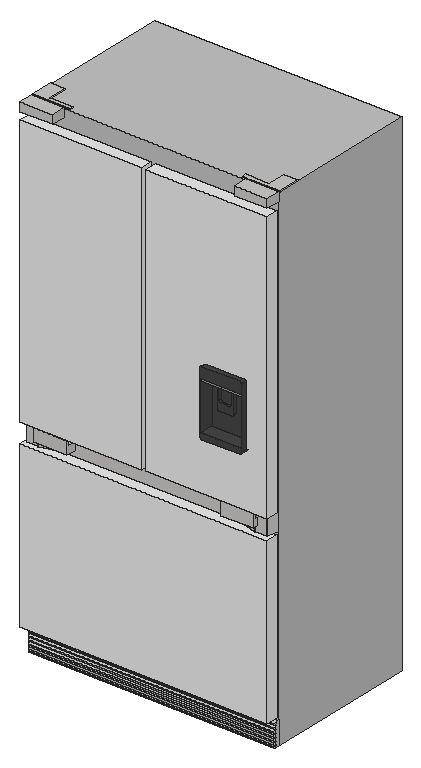
Revit family "FP-Revit20-RS90AU1-FrenchDoorFridgeFreezer-0-90005033A-NZ-AU-UK-IE-EU-CN-ASIA", category Specialty Equipment, Revit 2020
Family settings
  Round Connector Dimension = Use Diameter
  Part Type = Normal
  OmniClass Number = 23.40.40.11.11.17
  OmniClass Title = Refrigerator-Freezer
  Work Plane-Based = No
  Always vertical = Yes
  Cut with Voids When Loaded = Yes
  Shared = No
  Room Calculation Point = No
Parameters
  Visibility - Water Dispenser = yes
  Visibility - Visibility Control Note = yes
  Visibility - Clearance Required = yes
  URL = "www.fisherpaykel.com"
  Stainless Steel Door Panels (RD90AU) = no
  Product - Width = 906 mm  # constant formula
  Product - Height = 1798 mm  # constant formula
  Product - Depth = 604 mm  # constant formula
  Model = "RS90AU1"
  Material - Trim = Fisher & Paykel - Stainless Steel
  Material - Rollers and Feet = Fisher & Paykel - Black
  Material - Door Structure = Fisher & Paykel - White
  Material - Door Front = Fisher & Paykel - Stainless Steel
  Material - Connections = Fisher & Paykel - Black
  Material - Body = Fisher & Paykel - Grey
  Manufacturer = "Fisher & Paykel Appliances"
  Handle Style - Contemporary Square Fine Black (AHD5RD90AB) = no
  Handle Style - Contemporary Square Fine (AHD5RD90A) = no
  Handle Style - Contemporary Square (RS90A) = no
  Handle Style - Contemporary Round (25329 AHS-ASBI-A) = no
  Description = "90cm Integrated French Door Refrigerator Freezer, Ice & Water"
  Default Elevation = 0 mm
  Connector Description - Water = "13mm (1/2\") or 19mm (3/4\") BSP threaded water connection 6.35mm LLDPE tubing"
  Connector Description - Electrical = "230 V, 10 A, fused electrical supply"
  Chassis - Width = 890 mm  # constant formula
  Chassis - Height = 1788 mm  # constant formula
  Chassis - Depth = 561.4 mm  # constant formula
  Cavity - Width = 914 mm  # constant formula
  Cavity - Height = 1800 mm  # constant formula
  Cavity - Depth = 650 mm  # constant formula
Reference planes
  plane 1 "Center (Front/Back)": y = 0
  plane 2: z = 0
  plane 3 "Center (Left/Right)": x = 0
  plane 4 "Product LHS": x = -453
  plane 5 "Product RHS": x = 453
  plane 6 "Cavity - Depth": y = 650
  plane 7 "Cavity LHS": x = -457
  plane 8 "Cavity RHS": x = 457
  plane 9 "Product - Depth": y = 622
  plane 10 "Product Height": z = 1798
  plane 11 "Cavity Height": z = 1800
  plane 12 "Datum": y = 18
Forms (mm)
  Extrusion 1, solid, material "Fisher & Paykel - Grey" <- "Material - Body"
    sketch origin (0, 0, 0) x (0, 1, 0) y (0, 0, 1)
      loop
        line (68.89, 6.6) -> (622, 6.6) -> (622, 1794.6) -> (68.89, 1794.6) -> (68.89, 6.6)
    from -445 to 445
  Extrusion 2, void
    sketch origin (-955, 0, 0) x (1, 0, 0) y (0, 0, 1)
      loop
        arc (1180.35, 1186.03) -> (1174.693, 1183.687) -> (1172.35, 1178.03) r 8
        line (1172.35, 1178.03) -> (1172.35, 958.43)
        arc (1172.35, 958.43) -> (1174.693, 952.773) -> (1180.35, 950.43) r 8
        line (1180.35, 950.43) -> (1314.85, 950.43)
        arc (1314.85, 950.43) -> (1320.507, 952.773) -> (1322.85, 958.43) r 8
        line (1322.85, 958.43) -> (1322.85, 1178.03)
        arc (1322.85, 1178.03) -> (1320.507, 1183.687) -> (1314.85, 1186.03) r 8
        line (1314.85, 1186.03) -> (1180.35, 1186.03)
    from -54.957 to 0
  Extrusion 3, solid, material "Fisher & Paykel - Black" <- "Material - Rollers and Feet"
    sketch origin (0, 0, -4) x (0, 1, 0) y (0, 0, 1)
      loop
        arc (120.09, 10.6) -> (136.133, 4) -> (152.177, 10.6) r 22.8
        line (152.177, 10.6) -> (120.09, 10.6)
      loop
        arc (555.39, 10.6) -> (571.433, 4) -> (587.477, 10.6) r 22.8
        line (587.477, 10.6) -> (555.39, 10.6)
    from 402 to 429
  Extrusion 4, solid, material "Fisher & Paykel - Clearance Required", visible <- "Visibility - Clearance Required", detail levels coarse
    sketch origin (0, 0, 0) x (0, 1, 0) y (0, 0, 1)
      loop
        line (-0.043, 696.43) -> (-359.921, 696.43) -> (-359.921, 631.801) -> (-401.921, 631.801) -> (-401.921, 615.801) -> (-359.921, 615.801) -> (-359.921, 100.03) -> (-0.043, 100.03) -> (-0.043, 696.43)
    from -453 to 453
  Extrusion 5, solid, material "Fisher & Paykel - White" <- "Material - Door Structure"
    sketch origin (0, 0, 0) x (1, 0, 0) y (0, 0, 1)
      loop
        line (-7.74, 1737.6) -> (-445, 1737.6) -> (-445, 763.6) -> (-7.74, 763.6) -> (-7.74, 1737.6)
      loop
        line (7.74, 1737.6) -> (7.74, 763.6) -> (445, 763.6) -> (445, 1737.6) -> (7.74, 1737.6)
      loop
        line (-445, 693.1) -> (-445, 101.1) -> (445, 101.1) -> (445, 693.1) -> (-445, 693.1)
    from -60.6 to -18
  Extrusion 6, solid, material "Fisher & Paykel - White" <- "Material - Door Structure"
    sketch origin (0, 0, 0) x (1, 0, 0) y (0, 0, 1)
      loop
        line (-434.6, 685.2) -> (-434.6, 109) -> (434.6, 109) -> (434.6, 685.2) -> (-434.6, 685.2)
      loop
        line (-13.88, 776) -> (-13.88, 1722.7) -> (-434.58, 1722.7) -> (-434.58, 776) -> (-13.88, 776)
      loop
        line (13.88, 776) -> (434.58, 776) -> (434.58, 1722.7) -> (13.88, 1722.7) -> (13.88, 776)
    from -68.89 to -60.552
  Extrusion 7, solid, material "Fisher & Paykel - Stainless Steel" <- "Material - Trim"
    sketch origin (0, -2, 0) x (1, 0, 0) y (0, 1, 0)
      loop
        line (-441.5, 70.89) -> (-434.782, 36.328)
        arc (-434.782, 36.328) -> (-433.745, 34.585) -> (-431.837, 33.9) r 3
        line (-431.837, 33.9) -> (-393.733, 33.9)
        arc (-393.733, 33.9) -> (-391.738, 34.034) -> (-389.779, 34.431) r 15
        line (-389.779, 34.431) -> (-320.032, 53.491) -> (320.032, 53.491) -> (389.779, 34.431)
        arc (389.779, 34.431) -> (391.738, 34.034) -> (393.733, 33.9) r 15
        line (393.733, 33.9) -> (431.837, 33.9)
        arc (431.837, 33.9) -> (433.745, 34.585) -> (434.782, 36.328) r 3
        line (434.782, 36.328) -> (441.5, 70.89) -> (-441.5, 70.89)
    from 696.967 to 759.03
  Extrusion 8, solid, material "Fisher & Paykel - Stainless Steel" <- "Material - Trim"
    sketch origin (0, -2, 0) x (0, 1, 0) y (0, 0, 1)
      loop
        line (20, 762.6) -> (20, 715.3) -> (70.89, 715.3) -> (70.89, 743.6) -> (25, 743.6) -> (25, 762.6) -> (20, 762.6)
    from 276.67 to 395
  Extrusion 9, solid, material "Fisher & Paykel - Stainless Steel" <- "Material - Trim"
    sketch origin (0, -2, 0) x (0, 1, 0) y (0, 0, -1)
      loop
        line (20, -762.6) -> (25, -762.6) -> (25, -743.6) -> (70.89, -743.6) -> (70.89, -715.3) -> (20, -715.3) -> (20, -762.6)
    from 276.67 to 395
  Extrusion 10, solid, material "Fisher & Paykel - Stainless Steel" <- "Material - Trim"
    sketch origin (0, 0, 0) x (1, 0, 0) y (0, 1, 0)
      loop
        line (-327.17, 18) -> (-327.17, 68.89) -> (-445, 68.89) -> (-445, 18) -> (-327.17, 18)
      loop
        line (445, 18) -> (445, 68.89) -> (327.17, 68.89) -> (327.17, 18) -> (445, 18)
    from 1765.6 to 1797.6
  Extrusion 11, solid, material "Fisher & Paykel - Stainless Steel" <- "Material - Trim", detail levels fine
    sketch origin (0, 0, 0) x (1, 0, 0) y (0, 1, 0)
      loop
        line (-445, 154.61) -> (-445, 73.11) -> (-311.45, 73.11) -> (-311.45, 88.11) -> (-394, 88.11) -> (-394, 154.61) -> (-445, 154.61)
      loop
        line (445, 154.61) -> (394.85, 154.61) -> (394.85, 88.11) -> (311.45, 88.11) -> (311.45, 73.11) -> (445, 73.11) -> (445, 154.61)
    from 1794.6 to 1797.6
  Extrusion 12, solid, material "Fisher & Paykel - Black" <- "Material - Rollers and Feet", detail levels fine
    sketch origin (0, 0, -4) x (0, 1, 0) y (0, 0, -1)
      loop
        line (120.09, -10.6) -> (152.177, -10.6)
        arc (152.177, -10.6) -> (136.133, -4) -> (120.09, -10.6) r 22.8
      loop
        line (555.39, -10.6) -> (587.477, -10.6)
        arc (587.477, -10.6) -> (571.433, -4) -> (555.39, -10.6) r 22.8
    from 402 to 429
  Extrusion 13, solid, material "Fisher & Paykel - Stainless Steel" <- "Material - Trim", detail levels fine
    sketch origin (0, -2, 0) x (0, 1, 0) y (0, 0, 1)
      loop
        line (24.91, 101.1) -> (24.91, 94.1) -> (50.15, 94.1) -> (50.15, 101.1) -> (24.91, 101.1)
    from -20.67 to 20.7
  Extrusion 14, solid, material "Fisher & Paykel - Stainless Steel" <- "Material - Trim", detail levels fine
    sketch origin (0, -2, 0) x (0, 1, 0) y (0, 0, 1)
      loop
        line (70.89, 90.613) -> (53.491, 85.951) -> (53.491, 81.639) -> (61.43, 81.639) -> (61.43, 75.465) -> (53.491, 73.338) -> (53.491, 69.031) -> (61.43, 69.031) -> (61.43, 62.857) -> (53.491, 60.73) -> (53.491, 56.423) -> (61.43, 56.423) -> (61.43, 50.254) -> (53.491, 48.127) -> (53.491, 43.821) -> (61.43, 43.821) -> (61.43, 37.652) -> (53.491, 35.525) -> (53.491, 31.218) -> (61.43, 31.218) -> (61.43, 25.049) -> (53.491, 22.922) -> (53.491, 18.585) -> (61.43, 18.585) -> (61.43, 12.447) -> (53.491, 10.32) -> (53.491, 6.6) -> (70.89, 6.6) -> (70.89, 90.613)
    from -445 to 445
  Extrusion 15, solid, material "Fisher & Paykel - Stainless Steel" <- "Material - Trim", detail levels coarse+medium
    sketch origin (0, -2, 0) x (0, 1, 0) y (0, 0, 1)
      loop
        line (70.89, 90.613) -> (53.491, 85.951) -> (53.491, 6.6) -> (70.89, 6.6) -> (70.89, 90.613)
    from -445 to 445
  Extrusion 16, void
    sketch origin (0, -2000, 0) x (1, 0, 0) y (0, 1, 0)
      loop
        line (-386.5, 2622) -> (-386.5, 2068.89) -> (386.5, 2068.89) -> (386.5, 2622) -> (-386.5, 2622)
    from 6.6 to 56.423
  Extrusion 17, solid, material "Fisher & Paykel - Stainless Steel" <- "Material - Door Front", visible <- "Stainless Steel Door Panels (RD90AU)"
    sketch origin (0, 0, 0) x (1, 0, 0) y (0, 0, 1)
      loop
        line (-453, 696.43) -> (-453, 100.03) -> (453, 100.03) -> (453, 696.43) -> (-453, 696.43)
      loop
        line (-453, 700.43) -> (-2, 700.43) -> (-2, 1796.43) -> (-453, 1796.43) -> (-453, 700.43)
      loop
        line (2, 1796.43) -> (2, 700.43) -> (453, 700.43) -> (453, 1796.43) -> (2, 1796.43)
    from -18 to 0.043
  Extrusion 18, void
    sketch origin (0, -2, 0) x (1, 0, 0) y (0, 1, 0)
      loop
        arc (445, 57.948) -> (443.695, 54.796) -> (440.543, 53.491) r 4.457
        line (440.543, 53.491) -> (445, 53.491) -> (445, 57.948)
      loop
        line (-445, 57.948) -> (-445, 53.491) -> (-440.543, 53.491)
        arc (-440.543, 53.491) -> (-443.695, 54.796) -> (-445, 57.948) r 4.457
    from 6.6 to 100.03
  Extrusion 19, solid, material "Fisher & Paykel - Clearance Required", visible <- "Visibility - Clearance Required", detail levels coarse
    sketch origin (0, 0, 0) x (1, 0, 0) y (0, 1, 0)
      loop
        line (-457, 650) -> (-457, 18) -> (457, 18) -> (457, 650) -> (-457, 650)
    from 0 to 1800
  Extrusion 20, solid, material "Fisher & Paykel - Clearance Required", visible <- "Visibility - Clearance Required", detail levels coarse
    sketch origin (0, 0, 0) x (1, 0, 0) y (0, 1, 0)
      loop
        line (-453, -0.043) -> (-610.872, -338.602) -> (-647.125, -321.697) -> (-653.73, -335.861) -> (-617.477, -352.766) -> (-643.601, -408.788)
        arc (-643.601, -408.788) -> (-210.678, -380.413) -> (-2, -0.043) r 451
        line (-2, -0.043) -> (-453, -0.043)
      loop
        line (453, -0.043) -> (2, -0.043)
        arc (2, -0.043) -> (210.678, -380.413) -> (643.601, -408.788) r 451
        line (643.601, -408.788) -> (617.477, -352.766) -> (653.73, -335.861) -> (647.125, -321.697) -> (610.872, -338.602) -> (453, -0.043)
    from 700.43 to 1800
  Extrusion 21, void
    sketch origin (0, 0, 0) x (1, 0, 0) y (0, 0, 1)
      loop
        line (275, 69.031) -> (275, 200) -> (0, 200) -> (0, 69.031) -> (275, 69.031)
      loop
        circle (225, 135) r 3
      loop
        circle (50, 135) r 3
    from -622 to -620
  Extrusion 22, void
    sketch origin (0, 0, 0) x (1, 0, 0) y (0, 1, 0)
      loop
        line (-457, 650) -> (-457, 0) -> (457, 0) -> (457, 650) -> (-457, 650)
    from 0 to 1800
Cuts and joins
  Extrusion 16, Extrusion 21 cuts Extrusion 1
  Extrusion 2 cuts Extrusion 17
  Extrusion 2 cuts Extrusion 5
  Extrusion 18 cuts Extrusion 14
  Extrusion 18 cuts Extrusion 15
  joined: Extrusion 7, Extrusion 8, Extrusion 9
Lines and regions (mm)
  model lines, style "Fisher & Paykel"
    curve 1: line (-453, 18, 1796.43) -> (-2, 18, 1796.43)
    curve 2: line (-453, 18, 700.43) -> (-453, 18, 1796.43)
    curve 3: line (-2, 18, 700.43) -> (-453, 18, 700.43)
    curve 4: line (-2, 18, 1796.43) -> (-2, 18, 700.43)
    curve 5: line (2, 18, 700.43) -> (453, 18, 700.43)
    curve 6: line (2, 18, 1796.43) -> (2, 18, 700.43)
    curve 7: line (453, 18, 1796.43) -> (2, 18, 1796.43)
    curve 8: line (453, 18, 700.43) -> (453, 18, 1796.43)
    curve 9: line (-453, 18, 696.43) -> (453, 18, 696.43)
    curve 10: line (-453, 18, 100.03) -> (-453, 18, 696.43)
    curve 11: line (453, 18, 100.03) -> (-453, 18, 100.03)
    curve 12: line (453, 18, 696.43) -> (453, 18, 100.03)
Text (mm)
  text "Due to ongoing product development, product details are subject to change without notice. \nPlease always refer to www.fisherpaykel.com for the most current product information. \n© Fisher & Paykel 2020" at (41.04, -527.568, 0), in view "Ref. Level (Plan)"
Dimensions and locks
  equal spacing: plane 4 "Product LHS", plane 3 "Center (Left/Right)", plane 5 "Product RHS"
  "Product - Width": plane 4 "Product LHS" to plane 5 "Product RHS"
  "Cavity - Depth": plane 1 "Center (Front/Back)" to plane 6 "Cavity - Depth"
  equal spacing: plane 7 "Cavity LHS", plane 3 "Center (Left/Right)", plane 8 "Cavity RHS"
  "Cavity - Width": plane 7 "Cavity LHS" to plane 8 "Cavity RHS"
  "Product - Height": level to plane 10 "Product Height"
  "Cavity - Height": plane 11 "Cavity Height" to level
  Extrusion 2 sketch curve to plane 3 "Center (Left/Right)" = 367.85 mm
  Extrusion 2 sketch curve to Extrusion 2 sketch curve = 235.6 mm
  Extrusion 2 sketch curve to level = 950.43 mm
  Extrusion 2 sketch curve to Extrusion 2 sketch curve = 150.5 mm
  "Chassis - Height": Extrusion 1 to Extrusion 1
  nested 1 to Extrusion 1 = 1179.43 mm
  Extrusion 13 to Extrusion 15 = 94.5 mm
  locked: plane 1 "Center (Front/Back)" to plane 12 "Datum" at 18
  "Chassis - Depth": cut or joined group of Extrusion 2, Extrusion 5 to plane 9 "Product - Depth"
  "Product - Depth": plane 9 "Product - Depth" to plane 12 "Datum"
  equal spacing: cut or joined group of Extrusion 1, Extrusion 16, Extrusion 21, plane 3 "Center (Left/Right)", cut or joined group of Extrusion 1, Extrusion 16, Extrusion 21  (x2)
  "Chassis - Width": cut or joined group of Extrusion 1, Extrusion 16, Extrusion 21 to cut or joined group of Extrusion 1, Extrusion 16, Extrusion 21
  aligned and locked: level to plane 2
  aligned and locked: Extrusion 18 to Extrusion 3
  aligned and locked: plane 9 "Product - Depth" to Extrusion 1
  aligned and locked: cut or joined group of Extrusion 1, Extrusion 16, Extrusion 21 to Extrusion 14
  aligned and locked: cut or joined group of Extrusion 1, Extrusion 16, Extrusion 21 to Extrusion 15
  aligned and locked: Extrusion 15 to cut or joined group of Extrusion 1, Extrusion 16, Extrusion 21
  aligned and locked: Extrusion 14 to cut or joined group of Extrusion 1, Extrusion 16, Extrusion 21
  aligned and locked: Extrusion 11 sketch curve to cut or joined group of Extrusion 1, Extrusion 16, Extrusion 21
  aligned and locked: Extrusion 5 sketch curve to cut or joined group of Extrusion 1, Extrusion 16, Extrusion 21  (x2)
  aligned and locked: Extrusion 5 sketch curve to Extrusion 5 sketch curve
  aligned and locked: cut or joined group of Extrusion 1, Extrusion 16, Extrusion 21 to Extrusion 5 sketch curve
  aligned and locked: Extrusion 18 sketch curve to cut or joined group of Extrusion 14, Extrusion 18
  aligned and locked: Extrusion 10 to Extrusion 18 sketch curve
  aligned and locked: Extrusion 18 sketch curve to Extrusion 10
  aligned and locked: plane 9 "Product - Depth" to Extrusion 21
Automatic sketch dimensions
  Extrusion 1 sketch curve to plane 9 "Product - Depth" = 0 mm
  level to Extrusion 1 sketch curve = 6.6 mm
  Extrusion 1 sketch curve to plane 12 "Datum" = 50.89 mm
  plane 10 "Product Height" to Extrusion 1 sketch curve = 3.4 mm
  Extrusion 2 sketch curve to Extrusion 2 sketch curve = 8 mm  (x4)
  level to Extrusion 3 sketch curve = 6.6 mm  (x2)
  Extrusion 3 sketch curve to plane 12 "Datum" = 102.09 mm
  Extrusion 3 sketch curve to Extrusion 3 sketch curve = 16.044 mm  (x2)
  Extrusion 3 sketch curve to plane 9 "Product - Depth" = 66.61 mm
  level to Extrusion 3 sketch curve = 22.8 mm  (x2)
  plane 1 "Center (Front/Back)" to Extrusion 4 sketch curve = 401.921 mm
  Extrusion 4 sketch curve to Extrusion 4 sketch curve = 42 mm
  level to Extrusion 4 sketch curve = 100.03 mm
  plane 1 "Center (Front/Back)" to Extrusion 4 sketch curve = 359.921 mm
  plane 1 "Center (Front/Back)" to Extrusion 4 sketch curve = 0.043 mm
  Extrusion 4 sketch curve to Extrusion 4 sketch curve = 515.771 mm
  Extrusion 4 sketch curve to Extrusion 4 sketch curve = 16 mm
  Extrusion 4 sketch curve to Extrusion 4 sketch curve = 64.629 mm
  Extrusion 5 sketch curve to plane 3 "Center (Left/Right)" = 7.74 mm
  plane 3 "Center (Left/Right)" to Extrusion 5 sketch curve = 7.74 mm
  level to Extrusion 5 sketch curve = 101.1 mm
  Extrusion 5 sketch curve to Extrusion 5 sketch curve = 592 mm
  Extrusion 5 sketch curve to Extrusion 5 sketch curve = 70.5 mm
  Extrusion 5 sketch curve to Extrusion 5 sketch curve = 0 mm
  plane 10 "Product Height" to Extrusion 5 sketch curve = 60.4 mm  (x2)
  Extrusion 6 sketch curve to plane 4 "Product LHS" = 18.4 mm
  Extrusion 6 sketch curve to plane 4 "Product LHS" = 18.42 mm
  Extrusion 6 sketch curve to plane 3 "Center (Left/Right)" = 13.88 mm
  plane 3 "Center (Left/Right)" to Extrusion 6 sketch curve = 13.88 mm
  plane 5 "Product RHS" to Extrusion 6 sketch curve = 18.42 mm
  plane 5 "Product RHS" to Extrusion 6 sketch curve = 18.4 mm
  level to Extrusion 6 sketch curve = 109 mm
  Extrusion 6 sketch curve to Extrusion 6 sketch curve = 576.2 mm
  Extrusion 6 sketch curve to Extrusion 6 sketch curve = 90.8 mm
  Extrusion 6 sketch curve to Extrusion 6 sketch curve = 0 mm  (x2)
  plane 10 "Product Height" to Extrusion 6 sketch curve = 75.3 mm
  Extrusion 7 sketch curve to plane 4 "Product LHS" = 11.5 mm
  Extrusion 7 sketch curve to plane 4 "Product LHS" = 18.218 mm
  Extrusion 7 sketch curve to Extrusion 7 sketch curve = 2.945 mm  (x2)
  Extrusion 7 sketch curve to plane 12 "Datum" = 13.9 mm
  Extrusion 7 sketch curve to Extrusion 7 sketch curve = 38.104 mm
  Extrusion 7 sketch curve to plane 12 "Datum" = 14.431 mm  (x2)
  Extrusion 7 sketch curve to Extrusion 7 sketch curve = 3.954 mm  (x2)
  Extrusion 7 sketch curve to plane 12 "Datum" = 33.491 mm
  Extrusion 7 sketch curve to Extrusion 7 sketch curve = 69.747 mm
  plane 5 "Product RHS" to Extrusion 7 sketch curve = 132.968 mm
  plane 5 "Product RHS" to Extrusion 7 sketch curve = 63.221 mm
  plane 5 "Product RHS" to Extrusion 7 sketch curve = 21.163 mm
  plane 5 "Product RHS" to Extrusion 7 sketch curve = 11.5 mm
  Extrusion 7 sketch curve to plane 1 "Center (Front/Back)" = 31.9 mm
  Extrusion 7 sketch curve to Extrusion 7 sketch curve = 2.428 mm  (x2)
  Extrusion 7 sketch curve to Extrusion 7 sketch curve = 34.562 mm
  Extrusion 8 sketch curve to plane 12 "Datum" = 0 mm
  Extrusion 8 sketch curve to Extrusion 8 sketch curve = 5 mm
  Extrusion 8 sketch curve to Extrusion 8 sketch curve = 50.89 mm
  level to Extrusion 8 sketch curve = 715.3 mm
  Extrusion 8 sketch curve to Extrusion 8 sketch curve = 28.3 mm
  Extrusion 8 sketch curve to Extrusion 8 sketch curve = 19 mm
  Extrusion 9 sketch curve to plane 12 "Datum" = 0 mm
  Extrusion 9 sketch curve to Extrusion 9 sketch curve = 5 mm
  Extrusion 9 sketch curve to Extrusion 9 sketch curve = 50.89 mm
  level to Extrusion 9 sketch curve = 762.6 mm
  Extrusion 9 sketch curve to Extrusion 9 sketch curve = 19 mm
  Extrusion 9 sketch curve to Extrusion 9 sketch curve = 28.3 mm
  plane 12 "Datum" to Extrusion 10 sketch curve = 0 mm  (x2)
  Extrusion 10 sketch curve to plane 4 "Product LHS" = 8 mm
  Extrusion 10 sketch curve to plane 12 "Datum" = 50.89 mm  (x2)
  Extrusion 10 sketch curve to Extrusion 10 sketch curve = 117.83 mm
  plane 5 "Product RHS" to Extrusion 10 sketch curve = 125.83 mm
  plane 5 "Product RHS" to Extrusion 10 sketch curve = 8 mm
  Extrusion 11 sketch curve to Extrusion 11 sketch curve = 51 mm
  Extrusion 11 sketch curve to Extrusion 11 sketch curve = 82.55 mm
  Extrusion 11 sketch curve to plane 12 "Datum" = 55.11 mm  (x2)
  plane 5 "Product RHS" to Extrusion 11 sketch curve = 141.55 mm
  plane 5 "Product RHS" to Extrusion 11 sketch curve = 58.15 mm
  plane 5 "Product RHS" to Extrusion 11 sketch curve = 8 mm
  Extrusion 11 sketch curve to Extrusion 11 sketch curve = 15 mm  (x2)
  Extrusion 11 sketch curve to Extrusion 11 sketch curve = 66.5 mm  (x2)
  level to Extrusion 12 sketch curve = 6.6 mm  (x2)
  Extrusion 12 sketch curve to plane 12 "Datum" = 102.09 mm
  Extrusion 12 sketch curve to Extrusion 12 sketch curve = 16.044 mm  (x2)
  Extrusion 12 sketch curve to plane 9 "Product - Depth" = 66.61 mm
  level to Extrusion 12 sketch curve = 22.8 mm  (x2)
  Extrusion 13 sketch curve to plane 12 "Datum" = 4.91 mm
  Extrusion 13 sketch curve to Extrusion 13 sketch curve = 25.24 mm
  level to Extrusion 13 sketch curve = 94.1 mm
  Extrusion 13 sketch curve to Extrusion 13 sketch curve = 7 mm
  Extrusion 14 sketch curve to plane 12 "Datum" = 33.491 mm  (x3)
  level to Extrusion 14 sketch curve = 6.6 mm
  Extrusion 14 sketch curve to Extrusion 14 sketch curve = 0 mm  (x8)
  Extrusion 14 sketch curve to Extrusion 14 sketch curve = 7.939 mm  (x2)
  Extrusion 14 sketch curve to Extrusion 14 sketch curve = 9.46 mm
  Extrusion 14 sketch curve to Extrusion 14 sketch curve = 3.72 mm
  Extrusion 14 sketch curve to Extrusion 14 sketch curve = 2.127 mm
  Extrusion 14 sketch curve to Extrusion 14 sketch curve = 8.266 mm
  Extrusion 14 sketch curve to Extrusion 14 sketch curve = 4.337 mm
  Extrusion 14 sketch curve to Extrusion 14 sketch curve = 6.464 mm
  Extrusion 14 sketch curve to Extrusion 14 sketch curve = 6.169 mm  (x3)
  Extrusion 14 sketch curve to Extrusion 14 sketch curve = 4.306 mm  (x4)
  Extrusion 14 sketch curve to Extrusion 14 sketch curve = 6.433 mm  (x4)
  Extrusion 14 sketch curve to Extrusion 14 sketch curve = 6.175 mm  (x2)
  Extrusion 14 sketch curve to Extrusion 14 sketch curve = 4.312 mm
  Extrusion 14 sketch curve to Extrusion 14 sketch curve = 8.974 mm
  Extrusion 15 sketch curve to plane 12 "Datum" = 33.491 mm
  level to Extrusion 15 sketch curve = 6.6 mm
  Extrusion 15 sketch curve to Extrusion 15 sketch curve = 17.399 mm
  Extrusion 15 sketch curve to Extrusion 15 sketch curve = 79.351 mm
  Extrusion 15 sketch curve to Extrusion 15 sketch curve = 4.662 mm
  Extrusion 16 sketch curve to plane 9 "Product - Depth" = 0 mm
  Extrusion 16 sketch curve to plane 4 "Product LHS" = 66.5 mm
  plane 5 "Product RHS" to Extrusion 16 sketch curve = 66.5 mm
  Extrusion 16 sketch curve to plane 12 "Datum" = 50.89 mm
  plane 4 "Product LHS" to Extrusion 17 sketch curve = 0 mm  (x2)
  plane 5 "Product RHS" to Extrusion 17 sketch curve = 0 mm  (x2)
  Extrusion 17 sketch curve to plane 3 "Center (Left/Right)" = 2 mm
  plane 3 "Center (Left/Right)" to Extrusion 17 sketch curve = 2 mm
  level to Extrusion 17 sketch curve = 100.03 mm
  Extrusion 17 sketch curve to Extrusion 17 sketch curve = 596.4 mm
  Extrusion 17 sketch curve to Extrusion 17 sketch curve = 4 mm
  Extrusion 17 sketch curve to Extrusion 17 sketch curve = 0 mm
  plane 10 "Product Height" to Extrusion 17 sketch curve = 1.57 mm  (x2)
  Extrusion 18 sketch curve to Extrusion 18 sketch curve = 4.457 mm  (x2)
  Extrusion 18 sketch curve to plane 12 "Datum" = 33.491 mm
  Extrusion 19 sketch curve to plane 7 "Cavity LHS" = 0 mm
  Extrusion 19 sketch curve to plane 8 "Cavity RHS" = 0 mm
  plane 12 "Datum" to Extrusion 19 sketch curve = 0 mm
  plane 6 "Cavity - Depth" to Extrusion 19 sketch curve = 0 mm
  Extrusion 20 sketch curve to plane 4 "Product LHS" = 0 mm  (x2)
  Extrusion 20 sketch curve to plane 5 "Product RHS" = 0 mm  (x2)
  plane 7 "Cavity LHS" to Extrusion 20 sketch curve = 153.872 mm
  Extrusion 20 sketch curve to Extrusion 20 sketch curve = 6.605 mm  (x3)
  Extrusion 20 sketch curve to Extrusion 20 sketch curve = 26.124 mm
  Extrusion 20 sketch curve to Extrusion 20 sketch curve = 36.252 mm  (x2)
  plane 1 "Center (Front/Back)" to Extrusion 20 sketch curve = 0.043 mm  (x2)
  Extrusion 20 sketch curve to plane 3 "Center (Left/Right)" = 2 mm
  plane 3 "Center (Left/Right)" to Extrusion 20 sketch curve = 2 mm
  Extrusion 20 sketch curve to plane 8 "Cavity RHS" = 153.872 mm
  plane 1 "Center (Front/Back)" to Extrusion 20 sketch curve = 408.788 mm
  plane 1 "Center (Front/Back)" to Extrusion 20 sketch curve = 335.861 mm
  Extrusion 21 sketch curve to plane 3 "Center (Left/Right)" = 0 mm
  plane 3 "Center (Left/Right)" to Extrusion 21 sketch curve = 50 mm
  Extrusion 21 sketch curve to Extrusion 21 sketch curve = 175 mm
  Extrusion 21 sketch curve to Extrusion 21 sketch curve = 50 mm
  level to Extrusion 21 sketch curve = 69.031 mm
  Extrusion 21 sketch curve to Extrusion 21 sketch curve = 65.969 mm  (x2)
  Extrusion 21 sketch curve to Extrusion 21 sketch curve = 65 mm
  Extrusion 22 sketch curve to plane 7 "Cavity LHS" = 0 mm
  Extrusion 22 sketch curve to plane 8 "Cavity RHS" = 0 mm
  plane 12 "Datum" to Extrusion 22 sketch curve = 18 mm
  plane 6 "Cavity - Depth" to Extrusion 22 sketch curve = 0 mm
  plane 4 "Product LHS" to curve 1 = 0 mm
  plane 5 "Product RHS" to curve 8 = 0 mm
  plane 4 "Product LHS" to curve 9 = 0 mm
  plane 5 "Product RHS" to curve 9 = 0 mm
  plane 10 "Product Height" to curve 1 = 1.57 mm
  plane 10 "Product Height" to curve 8 = 1.57 mm
  level to curve 5 = 700.43 mm
  curve 4 to plane 3 "Center (Left/Right)" = 2 mm
  curve 4 to curve 5 = 0 mm
  curve 2 to curve 9 = 4 mm
  level to curve 11 = 100.03 mm
  plane 3 "Center (Left/Right)" to curve 7 = 2 mm
  radius of Extrusion 21 sketch curve = 3 mm  (x2)
Nested families
  nested 1: "F&P Water Dispenser" at (292.6, 0, 950.43), visible <- "Visibility - Water Dispenser", type "F&P Water Dispenser"
  nested 2: "F&P Handle Kit - Contemporary Square - Horizontal" at (0, 0, 623.802), visible <- "Handle Style - Contemporary Square (RS90A)", type "RS90A - Contemporary square handle (2 of 2) (Horizontal) 746mm"
  nested 3: "F&P Handle Kit - Contemporary Square - Vertical" at (67.3, 0, 1128.5), visible <- "Handle Style - Contemporary Square (RS90A)", type "RS90A - Contemporary square handle (1 of 2) (Vertical) 727mm"
  nested 4: "F&P Handle Kit - Contemporary Square - Vertical" at (-67.3, 0, 1128.5), visible <- "Handle Style - Contemporary Square (RS90A)", type "RS90A - Contemporary square handle (1 of 2) (Vertical) 727mm"
  nested 5: "Comment Marker 2D" at (0, 95.815, 0), visible <- "Visibility - Visibility Control Note", type "Active"
  nested 6: "F&P Handle Kit - Contemporary Round - Horizontal" at (0, -0.043, 623.78), visible <- "Handle Style - Contemporary Round (25329 AHS-ASBI-A)", type "25329 AHS-ASBI-A - Contemporary round handle (2 of 2) (Horizontal) 746mm"
  nested 7: "F&P Handle Kit - Contemporary Round - Vertical" at (-67.3, -0.043, 1128.5), visible <- "Handle Style - Contemporary Round (25329 AHS-ASBI-A)", type "25329 AHS-ASBI-A - Contemporary round handle (1 of 2) (Vertical) 727mm"
  nested 8: "F&P Handle Kit - Contemporary Square Fine - Horizontal" at (0, -0.043, 623.78), visible <- "Handle Style - Contemporary Square Fine (AHD5RD90A)", type "AHD5RD90A - Contemporary square fine handle (2 of 2) (Horizontal) 746mm"
  nested 9: "F&P Handle Kit - Contemporary Square Fine - Horizontal" at (0, -0.043, 623.78), visible <- "Handle Style - Contemporary Square Fine Black (AHD5RD90AB)", type "AHD5RD90AB - Contemporary square fine black handle (2 of 2) (Horizontal) 746mm"
  nested 10: "F&P Handle Kit - Contemporary Square Fine - Vertical" at (-67.3, -0.043, 1128.5), visible <- "Handle Style - Contemporary Square Fine (AHD5RD90A)", type "AHD5RD90A - Contemporary square fine handle (1 of 2) (Vertical) 727mm"
  nested 11: "F&P Handle Kit - Contemporary Square Fine - Vertical" at (-67.3, -0.043, 1128.5), visible <- "Handle Style - Contemporary Square Fine Black (AHD5RD90AB)", type "AHD5RD90AB - Contemporary square fine black handle (1 of 2) (Vertical) 727mm"
  nested 12: "F&P Handle Kit - Contemporary Round - Vertical" at (67.3, -0.043, 1128.5), visible <- "Handle Style - Contemporary Round (25329 AHS-ASBI-A)", type "25329 AHS-ASBI-A - Contemporary round handle (1 of 2) (Vertical) 727mm"
  nested 13: "F&P Handle Kit - Contemporary Square Fine - Vertical" at (67.3, -0.043, 1128.5), visible <- "Handle Style - Contemporary Square Fine (AHD5RD90A)", type "AHD5RD90A - Contemporary square fine handle (1 of 2) (Vertical) 727mm"
  nested 14: "F&P Handle Kit - Contemporary Square Fine - Vertical" at (67.3, -0.043, 1128.5), visible <- "Handle Style - Contemporary Square Fine Black (AHD5RD90AB)", type "AHD5RD90AB - Contemporary square fine black handle (1 of 2) (Vertical) 727mm"
Connectors
  electrical at (50, 622, 135), driven by "Connector Description - Electrical"
    settings: on cut or joined group of Extrusion 1, Extrusion 16, Extrusion 21, index 1, voltage 230 V, apparent load 0 VA, apparent load phase1 0 VA, apparent load phase2 0 VA, apparent load phase3 0 VA, power factor 1, load classification "Other", number of poles 1, system type 30, power factor state 1, is connector primary yes, connector utility no, sub classification motor no, connector description "230 V, 10 A, fused electrical supply"
  piping at (225, 622, 135), diameter 6, driven by "Connector Description - Water"
    settings: on cut or joined group of Extrusion 1, Extrusion 16, Extrusion 21, index 2, connector inside diameter 609.6 mm, connector length 0 mm, flow factor 0, pipe flow 0.0 L/s, pressure drop 0.0 Pa, fitting loss kfactor 0, connector angle 0.00°, fixture units 0, engagement length 0 mm, angle of deflection 0.00°, flow configuration 0, flow direction 1, fitting loss method 0, system type 20, joint type 0, gender type 0, connector reference index -1, connector utility 0, adjustable connector no, is connector primary yes, connector description "13mm (1/2\") or 19mm (3/4\") BSP threaded water connection 6.35mm LLDPE tubing"
Definition of nested family "F&P Water Dispenser"
  Parameters (values of type "F&P Water Dispenser")
    URL = "www.fisherpaykel.com"
    Material - Trim = none
    Material - Body = none
    Manufacturer = "Fisher & Paykel Appliances"
    Default Elevation = 0 mm
    Connector Description - Water = ""
    Connector Description - Electrical = ""
  Reference planes
    plane 1 "Center (Front/Back)": y = 0
    plane 2: z = 0
    plane 3 "Center (Left/Right)": x = 0
  Forms (mm)
    Extrusion 1, solid, material <- "Material - Body"
      sketch origin (0, 0, 0) x (1, 0, 0) y (0, 0, 1)
        loop
          arc (-67.25, 235.6) -> (-72.907, 233.257) -> (-75.25, 227.6) r 8
          line (-75.25, 227.6) -> (-75.25, 8)
          arc (-75.25, 8) -> (-72.907, 2.343) -> (-67.25, 0) r 8
          line (-67.25, 0) -> (67.25, 0)
          arc (67.25, 0) -> (72.907, 2.343) -> (75.25, 8) r 8
          line (75.25, 8) -> (75.25, 227.609)
          arc (75.25, 227.609) -> (72.909, 233.259) -> (67.259, 235.6) r 7.991
          line (67.259, 235.6) -> (-67.25, 235.6)
        loop
          line (-74.25, 192.6) -> (-74.25, 20) -> (74.25, 20) -> (74.25, 192.6) -> (-74.25, 192.6)
      from -55 to 0
    Extrusion 2, solid, material <- "Material - Trim", detail levels fine
      sketch origin (0, 0, 0) x (1, 0, 0) y (0, 0, 1)
        loop
          line (-74.25, 192.6) -> (-74.25, 187.1) -> (74.25, 187.1) -> (74.25, 192.6) -> (-74.25, 192.6)
      from -55 to 0
    Extrusion 3, solid, material <- "Material - Body"
      sketch origin (0, 0, 0) x (1, 0, 0) y (0, 0, 1)
        loop
          line (-74.25, 187.1) -> (-74.25, 20) -> (74.25, 20) -> (74.25, 187.1) -> (-74.25, 187.1)
      from -55 to -50
    Extrusion 4, solid, material <- "Material - Body", detail levels fine
      sketch origin (0, 0, 0) x (1, 0, 0) y (0, 0, 1)
        loop
          line (-30, 187.1) -> (-30, 105.1)
          arc (-30, 105.1) -> (-27.657, 99.443) -> (-22, 97.1) r 8
          line (-22, 97.1) -> (22, 97.1)
          arc (22, 97.1) -> (27.657, 99.443) -> (30, 105.1) r 8
          line (30, 105.1) -> (30, 187.1) -> (23.5, 187.1) -> (23.5, 134.1)
          arc (23.5, 134.1) -> (21.157, 128.443) -> (15.5, 126.1) r 8
          line (15.5, 126.1) -> (-15.5, 126.1)
          arc (-15.5, 126.1) -> (-21.157, 128.443) -> (-23.5, 134.1) r 8
          line (-23.5, 134.1) -> (-23.5, 187.1) -> (-30, 187.1)
      from -27.6 to -21.6
    Extrusion 5, solid, material <- "Material - Body", detail levels fine
      sketch origin (0, 0, 0) x (1, 0, 0) y (0, 1, 0)
        loop
          circle (0, 24.6) r 7.5
      from 179.1 to 187.1
  Dimensions and locks
    aligned and locked: level to plane 2
Definition of nested family "F&P Handle Kit - Contemporary Square - Horizontal"
  Parameters (values of type "RS90A - Contemporary square handle (2 of 2) (Horizontal) 746mm")
    URL = "www.fisherpaykel.com"
    Material - Handle = none
    Manufacturer = "Fisher & Paykel Appliances"
    Handle - Length = 746 mm
    Default Elevation = 0 mm
  Types (9, lengths in mm): name | Handle - Length
    (no name) | 746
    AHD3RD2484W - Contemporary square handle (2 of 2) (Horizontal) 494mm | 494
    AHD3RD3084W - Contemporary square handle (2 of 2) (Horizontal) 646mm | 646
    AHD3RS3272A - Contemporary square handle (2 of 2) (Horizontal) 646mm | 646
    AHD3RS80A - Contemporary square handle (2 of 2) (Horizontal) 646mm | 646
    AHD3RD6121W - Contemporary square handle (2 of 2) (Horizontal) 494mm | 494
    AHD3RD7621W - Contemporary square handle (2 of 2) (Horizontal) 646mm | 646
    RS36A - Contemporary square handle (2 of 2) (Horizontal) 746mm | 746
    RS90A - Contemporary square handle (2 of 2) (Horizontal) 746mm | 746
  Reference planes
    plane 1 "Center (Front/Back)": y = 0
    plane 2: z = 0
    plane 3 "Center (Left/Right)": x = 0
    plane 4 "Product LHS": x = -373
    plane 5 "Product RHS": x = 373
    plane 6 "LHS Standoff": x = -252.995
    plane 7 "RHS Standoff": x = 253.005
  Forms (mm)
    Extrusion 1, solid, material <- "Material - Handle", detail levels fine
      sketch origin (0, 0, 0) x (0, 1, 0) y (0, 0, 1)
        loop
          arc (-28.701, 7.561) -> (-29.057, 7.868) -> (-29.514, 7.978) r 1
          line (-29.514, 7.978) -> (-40.5, 7.978)
          arc (-40.5, 7.978) -> (-41.561, 7.539) -> (-42, 6.478) r 1.5
          line (-42, 6.478) -> (-42, -6.522)
          arc (-42, -6.522) -> (-41.561, -7.583) -> (-40.5, -8.022) r 1.5
          line (-40.5, -8.022) -> (-29.487, -8.022)
          arc (-29.487, -8.022) -> (-29.029, -7.911) -> (-28.673, -7.602) r 1
          arc (-28.673, -7.602) -> (-26.256, -0.016) -> (-28.701, 7.561) r 13.038
      from -373 to 373
    Extrusion 2, solid, material <- "Material - Handle", detail levels fine
      sketch origin (0, 0, 0) x (0, 1, 0) y (0, 0, 1)
        loop
          arc (-28.23, 7.062) -> (-26.156, 0.008) -> (-28.198, -7.056) r 13.136
          arc (-28.198, -7.056) -> (-28.21, -7.463) -> (-27.86, -7.67) r 0.4
          line (-27.86, -7.67) -> (0, -7.67) -> (0, 7.678) -> (-27.893, 7.678)
          arc (-27.893, 7.678) -> (-28.244, 7.47) -> (-28.23, 7.062) r 0.4
      from 253.005 to 373
    Extrusion 3, solid, material <- "Material - Handle", detail levels fine
      sketch origin (0, 0, 0) x (0, 1, 0) y (0, 0, -1)
        loop
          arc (-28.23, -7.062) -> (-28.244, -7.47) -> (-27.893, -7.678) r 0.4
          line (-27.893, -7.678) -> (0, -7.678) -> (0, 7.67) -> (-27.86, 7.67)
          arc (-27.86, 7.67) -> (-28.21, 7.463) -> (-28.198, 7.056) r 0.4
          arc (-28.198, 7.056) -> (-26.156, -0.008) -> (-28.23, -7.062) r 13.136
      from 252.995 to 373
    Sweep 4, void
      path in 3D
        loop
          line (373, -29.514, 7.978) -> (373, -40.5, 7.978)
          arc (373, -40.5, 7.978) -> (373, -41.561, 7.539) -> (373, -42, 6.478) r 1.5
          line (373, -42, 6.478) -> (373, -42, -6.522)
          arc (373, -42, -6.522) -> (373, -41.561, -7.583) -> (373, -40.5, -8.022) r 1.5
          line (373, -40.5, -8.022) -> (373, -29.487, -8.022)
      profile origin (373, -35.007, 7.978) x (1, 0, 0) y (0, 0, 1)
        loop
          line (0, 0) -> (-1.3, 0) -> (0, -1.3) -> (0, 0)
    Sweep 5, void
      path in 3D
        loop
          line (-373, -29.487, -8.022) -> (-373, -40.5, -8.022)
          arc (-373, -40.5, -8.022) -> (-373, -41.561, -7.583) -> (-373, -42, -6.522) r 1.5
          line (-373, -42, -6.522) -> (-373, -42, 6.478)
          arc (-373, -42, 6.478) -> (-373, -41.561, 7.539) -> (-373, -40.5, 7.978) r 1.5
          line (-373, -40.5, 7.978) -> (-373, -29.514, 7.978)
      profile origin (-373, -35.007, 7.978) x (-1, 0, 0) y (0, 0, 1)
        loop
          line (0, 0) -> (-1.3, 0) -> (0, -1.3) -> (0, 0)
    Extrusion 6, void
      sketch origin (0, 0, 0) x (1, 0, 0) y (0, 0, 1)
        loop
          line (373, 7.978) -> (371.7, 7.978) -> (373, 6.678) -> (373, 7.978)
        loop
          line (373, -8.022) -> (373, -6.722) -> (371.7, -8.022) -> (373, -8.022)
      from 0 to 40
    Extrusion 7, void
      sketch origin (0, 0, 0) x (1, 0, 0) y (0, 0, 1)
        loop
          line (-373, 7.978) -> (-373, 6.678) -> (-371.7, 7.978) -> (-373, 7.978)
        loop
          line (-373, -8.022) -> (-371.7, -8.022) -> (-373, -6.722) -> (-373, -8.022)
      from 0 to 40
    Extrusion 8, solid, material <- "Material - Handle", detail levels coarse+medium
      sketch origin (0, 0, 0) x (1, 0, 0) y (0, 1, 0)
        loop
          line (-373, -42) -> (373, -42) -> (373, 0) -> (253.005, 0) -> (253.005, -26.156) -> (-252.995, -26.156) -> (-252.995, 0) -> (-373, 0) -> (-373, -42)
      from -8.022 to 7.978
  Cuts and joins
    Sweep 4, Sweep 5, Extrusion 6, Extrusion 7 cuts Extrusion 1
    Extrusion 6 cuts Extrusion 2
    Extrusion 7 cuts Extrusion 3
  Lines and regions (mm)
    sketch lines
      curve 1: line (373, -29.514, 7.978) -> (373, -40.5, 7.978)
      curve 2: arc (373, -42, 6.478) -> (373, -41.561, 7.539) -> (373, -40.5, 7.978) r 1.5
      curve 3: line (373, -42, 6.478) -> (373, -42, -6.522)
      curve 4: arc (373, -40.5, -8.022) -> (373, -41.561, -7.583) -> (373, -42, -6.522) r 1.5
      curve 5: line (373, -40.5, -8.022) -> (373, -29.487, -8.022)
      curve 6: line (-373, -40.5, 7.978) -> (-373, -29.514, 7.978)
      curve 7: arc (-373, -40.5, 7.978) -> (-373, -41.561, 7.539) -> (-373, -42, 6.478) r 1.5
      curve 8: line (-373, -42, -6.522) -> (-373, -42, 6.478)
      curve 9: arc (-373, -42, -6.522) -> (-373, -41.561, -7.583) -> (-373, -40.5, -8.022) r 1.5
      curve 10: line (-373, -29.487, -8.022) -> (-373, -40.5, -8.022)
  Dimensions and locks
    equal spacing: plane 4 "Product LHS", plane 3 "Center (Left/Right)", plane 5 "Product RHS"
    "Handle - Length": plane 4 "Product LHS" to plane 5 "Product RHS"
    locked: plane 4 "Product LHS" to plane 6 "LHS Standoff" at 120.005
    locked: plane 7 "RHS Standoff" to plane 5 "Product RHS" at 119.995
    aligned and locked: level to plane 2
    aligned and locked: Extrusion 1 to plane 5 "Product RHS"
    aligned and locked: plane 4 "Product LHS" to Extrusion 1
    aligned and locked: Extrusion 2 to plane 5 "Product RHS"
    aligned and locked: plane 4 "Product LHS" to Extrusion 3
    aligned and locked: plane 4 "Product LHS" to Extrusion 8 sketch curve
    aligned and locked: Extrusion 8 sketch curve to plane 5 "Product RHS"
    aligned and locked: Extrusion 8 sketch curve to plane 7 "RHS Standoff"
    aligned and locked: plane 6 "LHS Standoff" to Extrusion 8 sketch curve
    aligned and locked: Extrusion 2 to plane 7 "RHS Standoff"
    aligned and locked: plane 6 "LHS Standoff" to Extrusion 3
  Automatic sketch dimensions
    Extrusion 1 sketch curve to level = 6.522 mm
    plane 1 "Center (Front/Back)" to Extrusion 1 sketch curve = 42 mm
    Extrusion 1 sketch curve to Extrusion 1 sketch curve = 1.5 mm  (x2)
    Extrusion 1 sketch curve to level = 0.04 mm
    Extrusion 1 sketch curve to Extrusion 1 sketch curve = 1.206 mm
    level to Extrusion 1 sketch curve = 6.978 mm
    Extrusion 1 sketch curve to Extrusion 1 sketch curve = 10.986 mm
    Extrusion 1 sketch curve to Extrusion 1 sketch curve = 11.013 mm
    Extrusion 1 sketch curve to Extrusion 1 sketch curve = 1 mm
    level to Extrusion 1 sketch curve = 6.478 mm
    Extrusion 1 sketch curve to Extrusion 1 sketch curve = 0 mm
    Extrusion 2 sketch curve to plane 1 "Center (Front/Back)" = 0 mm
    Extrusion 2 sketch curve to level = 7.67 mm
    Extrusion 2 sketch curve to Extrusion 2 sketch curve = 27.86 mm
    level to Extrusion 2 sketch curve = 7.678 mm
    Extrusion 2 sketch curve to Extrusion 2 sketch curve = 0.033 mm
    Extrusion 2 sketch curve to level = 0.022 mm
    Extrusion 2 sketch curve to Extrusion 2 sketch curve = 11.398 mm
    Extrusion 2 sketch curve to Extrusion 2 sketch curve = 0.4 mm  (x2)
    Extrusion 2 sketch curve to Extrusion 2 sketch curve = 0 mm
    Extrusion 3 sketch curve to plane 1 "Center (Front/Back)" = 0 mm
    Extrusion 3 sketch curve to level = 7.67 mm
    Extrusion 3 sketch curve to Extrusion 3 sketch curve = 27.86 mm
    level to Extrusion 3 sketch curve = 7.678 mm
    Extrusion 3 sketch curve to Extrusion 3 sketch curve = 0.033 mm
    Extrusion 3 sketch curve to level = 0.022 mm
    Extrusion 3 sketch curve to Extrusion 3 sketch curve = 11.398 mm
    Extrusion 3 sketch curve to Extrusion 3 sketch curve = 0.4 mm  (x2)
    Extrusion 3 sketch curve to Extrusion 3 sketch curve = 0 mm
    profile plane to Sweep 4 sketch curve = 0 mm
    Sweep 4 sketch curve to profile plane = 0 mm
    Sweep 4 sketch curve to profile plane = 1.3 mm
    profile plane to Sweep 4 sketch curve = 1.3 mm
    Sweep 5 sketch curve to profile plane = 0 mm  (x2)
    profile plane to Sweep 5 sketch curve = 1.3 mm
    Sweep 5 sketch curve to profile plane = 1.3 mm
    plane 5 "Product RHS" to Extrusion 6 sketch curve = 0 mm  (x2)
    Extrusion 6 sketch curve to Extrusion 6 sketch curve = 1.3 mm  (x4)
    Extrusion 6 sketch curve to level = 6.722 mm
    level to Extrusion 6 sketch curve = 6.678 mm
    plane 4 "Product LHS" to Extrusion 7 sketch curve = 0 mm  (x2)
    Extrusion 7 sketch curve to plane 4 "Product LHS" = 1.3 mm  (x2)
    Extrusion 7 sketch curve to level = 8.022 mm
    level to Extrusion 7 sketch curve = 6.678 mm
    Extrusion 7 sketch curve to Extrusion 7 sketch curve = 1.3 mm  (x2)
    plane 1 "Center (Front/Back)" to Extrusion 8 sketch curve = 0 mm  (x2)
    Extrusion 8 sketch curve to Extrusion 8 sketch curve = 26.156 mm
    Extrusion 8 sketch curve to Extrusion 8 sketch curve = 42 mm
Definition of nested family "F&P Handle Kit - Contemporary Square - Vertical"
  Parameters (values of type "RS90A - Contemporary square handle (1 of 2) (Vertical) 727mm")
    URL = "www.fisherpaykel.com"
    Material - Handle = none
    Manufacturer = "Fisher & Paykel Appliances"
    Handle - Length = 727 mm
    Default Elevation = 0 mm
  Types (11, lengths in mm): name | Handle - Length
    (no name) | 727
    AHD3-RD21 - Contemporary square handle (Vertical) 852mm | 852
    AHD3RD2484W - Contemporary square handle (1 of 2) (Vertical) 727mm | 727
    AHD3RD3084W - Contemporary square handle (1 of 2) (Vertical) 727mm | 727
    AHD3-RD84 - Contemporary square handle (Vertical) 852mm | 852
    AHD3RS3272A - Contemporary square handle (1 of 2) (Vertical) 727mm | 727
    AHD3RS80A - Contemporary square handle (1 of 2) (Vertical) 727mm | 727
    AHD3RD6121W - Contemporary square handle (1 of 2) (Vertical) 727mm | 727
    AHD3RD7621W - Contemporary square handle (1 of 2) (Vertical) 727mm | 727
    RS36A - Contemporary square handle (1 of 2) (Vertical) 727mm | 727
    RS90A - Contemporary square handle (1 of 2) (Vertical) 727mm | 727
  Reference planes
    plane 1 "Center (Front/Back)": y = 0
    plane 2: z = 0
    plane 3 "Center (Left/Right)": x = 0
    plane 4 "Top": z = 363.5
    plane 5 "Bottom": z = -363.5
    plane 6 "Top Standoff": z = 243.5
    plane 7 "Bottom Standoff": z = -243.5
  Forms (mm)
    Extrusion 1, solid, material <- "Material - Handle", detail levels fine
      sketch origin (0, 0, 0) x (1, 0, 0) y (0, 1, 0)
        loop
          arc (-7.583, -28.701) -> (-7.89, -29.057) -> (-8, -29.514) r 1
          line (-8, -29.514) -> (-8, -40.5)
          arc (-8, -40.5) -> (-7.561, -41.561) -> (-6.5, -42) r 1.5
          line (-6.5, -42) -> (6.5, -42)
          arc (6.5, -42) -> (7.561, -41.561) -> (8, -40.5) r 1.5
          line (8, -40.5) -> (8, -29.487)
          arc (8, -29.487) -> (7.889, -29.029) -> (7.58, -28.673) r 1
          arc (7.58, -28.673) -> (-0.006, -26.256) -> (-7.583, -28.701) r 13.038
      from -363.5 to 363.5
    Extrusion 2, solid, material <- "Material - Handle", detail levels fine
      sketch origin (0, 0, 0) x (1, 0, 0) y (0, 1, 0)
        loop
          arc (7.058, -28.23) -> (7.466, -28.244) -> (7.674, -27.893) r 0.4
          line (7.674, -27.893) -> (7.674, 0) -> (-7.674, 0) -> (-7.674, -27.86)
          arc (-7.674, -27.86) -> (-7.467, -28.21) -> (-7.06, -28.198) r 0.4
          arc (-7.06, -28.198) -> (0.004, -26.156) -> (7.058, -28.23) r 13.136
      from 243.5 to 363.5
    Extrusion 3, solid, material <- "Material - Handle", detail levels fine
      sketch origin (0, 0, 0) x (1, 0, 0) y (0, 1, 0)
        loop
          arc (7.058, -28.23) -> (7.466, -28.244) -> (7.674, -27.893) r 0.4
          line (7.674, -27.893) -> (7.674, 0) -> (-7.674, 0) -> (-7.674, -27.86)
          arc (-7.674, -27.86) -> (-7.467, -28.21) -> (-7.06, -28.198) r 0.4
          arc (-7.06, -28.198) -> (0.004, -26.156) -> (7.058, -28.23) r 13.136
      from -363.5 to -243.5
    Sweep 4, void
      path in 3D
        loop
          line (-8, -29.514, 363.5) -> (-8, -40.5, 363.5)
          arc (-8, -40.5, 363.5) -> (-7.561, -41.561, 363.5) -> (-6.5, -42, 363.5) r 1.5
          line (-6.5, -42, 363.5) -> (6.5, -42, 363.5)
          arc (6.5, -42, 363.5) -> (7.561, -41.561, 363.5) -> (8, -40.5, 363.5) r 1.5
          line (8, -40.5, 363.5) -> (8, -29.487, 363.5)
      profile origin (8, -34.994, 363.5) x (-1, 0, 0) y (0, 0, 1)
        loop
          line (0, 0) -> (0, -1.3) -> (1.3, 0) -> (0, 0)
    Sweep 5, void
      path in 3D
        loop
          line (8, -29.487, -363.5) -> (8, -40.5, -363.5)
          arc (8, -40.5, -363.5) -> (7.561, -41.561, -363.5) -> (6.5, -42, -363.5) r 1.5
          line (6.5, -42, -363.5) -> (-6.5, -42, -363.5)
          arc (-6.5, -42, -363.5) -> (-7.561, -41.561, -363.5) -> (-8, -40.5, -363.5) r 1.5
          line (-8, -40.5, -363.5) -> (-8, -29.514, -363.5)
      profile origin (8, -34.994, -363.5) x (-1, 0, 0) y (0, 0, -1)
        loop
          line (0, 0) -> (0, -1.3) -> (1.3, 0) -> (0, 0)
    Extrusion 6, void
      sketch origin (0, 0, 0) x (1, 0, 0) y (0, 0, 1)
        loop
          line (-8, -362.2) -> (-8, -363.5) -> (-6.7, -363.5) -> (-8, -362.2)
        loop
          line (8, -362.2) -> (6.7, -363.5) -> (8, -363.5) -> (8, -362.2)
      from 0 to 40
    Extrusion 7, void
      sketch origin (0, 0, 0) x (1, 0, 0) y (0, 0, 1)
        loop
          line (-8, 363.5) -> (-8, 362.2) -> (-6.7, 363.5) -> (-8, 363.5)
        loop
          line (8, 363.5) -> (6.7, 363.5) -> (8, 362.2) -> (8, 363.5)
      from 0 to 40
    Extrusion 8, solid, material <- "Material - Handle", detail levels coarse+medium
      sketch origin (0, 0, 0) x (0, 1, 0) y (0, 0, 1)
        loop
          line (0, 363.5) -> (-42, 363.5) -> (-42, -363.5) -> (0, -363.5) -> (0, -243.5) -> (-26.245, -243.5) -> (-26.245, 243.5) -> (0, 243.5) -> (0, 363.5)
      from -8 to 8
  Cuts and joins
    Sweep 4, Sweep 5, Extrusion 6, Extrusion 7 cuts Extrusion 1
    Extrusion 6 cuts Extrusion 3
    Extrusion 7 cuts Extrusion 2
  Lines and regions (mm)
    sketch lines
      curve 1: line (8, -40.5, 363.5) -> (8, -29.487, 363.5)
      curve 2: arc (8, -40.5, 363.5) -> (7.561, -41.561, 363.5) -> (6.5, -42, 363.5) r 1.5
      curve 3: line (-6.5, -42, 363.5) -> (6.5, -42, 363.5)
      curve 4: arc (-6.5, -42, 363.5) -> (-7.561, -41.561, 363.5) -> (-8, -40.5, 363.5) r 1.5
      curve 5: line (-8, -29.514, 363.5) -> (-8, -40.5, 363.5)
      curve 6: line (8, -29.487, -363.5) -> (8, -40.5, -363.5)
      curve 7: arc (6.5, -42, -363.5) -> (7.561, -41.561, -363.5) -> (8, -40.5, -363.5) r 1.5
      curve 8: line (6.5, -42, -363.5) -> (-6.5, -42, -363.5)
      curve 9: arc (-8, -40.5, -363.5) -> (-7.561, -41.561, -363.5) -> (-6.5, -42, -363.5) r 1.5
      curve 10: line (-8, -40.5, -363.5) -> (-8, -29.514, -363.5)
  Dimensions and locks
    equal spacing: plane 4 "Top", level, plane 5 "Bottom"
    "Handle - Length": plane 4 "Top" to plane 5 "Bottom"
    locked: plane 4 "Top" to plane 6 "Top Standoff" at 120
    locked: plane 7 "Bottom Standoff" to plane 5 "Bottom" at 120
    aligned and locked: level to plane 2
    aligned and locked: plane 4 "Top" to Extrusion 2
    aligned and locked: Extrusion 2 to plane 6 "Top Standoff"
    aligned and locked: plane 4 "Top" to Extrusion 1
    aligned and locked: Extrusion 1 to plane 5 "Bottom"
    aligned and locked: Extrusion 3 to plane 5 "Bottom"
    aligned and locked: plane 7 "Bottom Standoff" to Extrusion 3
    aligned and locked: plane 4 "Top" to Extrusion 8 sketch curve
    aligned and locked: plane 6 "Top Standoff" to Extrusion 8 sketch curve
    aligned and locked: plane 7 "Bottom Standoff" to Extrusion 8 sketch curve
    aligned and locked: plane 5 "Bottom" to Extrusion 8 sketch curve
    aligned and locked: plane 1 "Center (Front/Back)" to Extrusion 8 sketch curve  (x2)
  Automatic sketch dimensions
    Extrusion 1 sketch curve to plane 3 "Center (Left/Right)" = 8 mm
    Extrusion 1 sketch curve to Extrusion 1 sketch curve = 1 mm  (x2)
    Extrusion 1 sketch curve to Extrusion 1 sketch curve = 1.5 mm
    plane 3 "Center (Left/Right)" to Extrusion 1 sketch curve = 0.018 mm
    plane 3 "Center (Left/Right)" to Extrusion 1 sketch curve = 6.5 mm
    plane 3 "Center (Left/Right)" to Extrusion 1 sketch curve = 7 mm
    plane 1 "Center (Front/Back)" to Extrusion 1 sketch curve = 42 mm
    Extrusion 1 sketch curve to Extrusion 1 sketch curve = 1.206 mm
    Extrusion 1 sketch curve to Extrusion 1 sketch curve = 10.986 mm
    Extrusion 1 sketch curve to Extrusion 1 sketch curve = 11.013 mm
    Extrusion 1 sketch curve to Extrusion 1 sketch curve = 0 mm
    plane 1 "Center (Front/Back)" to Extrusion 2 sketch curve = 0 mm
    Extrusion 2 sketch curve to plane 3 "Center (Left/Right)" = 7.674 mm
    Extrusion 2 sketch curve to Extrusion 2 sketch curve = 0.4 mm  (x2)
    Extrusion 2 sketch curve to plane 3 "Center (Left/Right)" = 0.026 mm
    plane 3 "Center (Left/Right)" to Extrusion 2 sketch curve = 7.274 mm
    plane 1 "Center (Front/Back)" to Extrusion 2 sketch curve = 27.86 mm
    Extrusion 2 sketch curve to Extrusion 2 sketch curve = 0.033 mm
    Extrusion 2 sketch curve to Extrusion 2 sketch curve = 11.398 mm
    Extrusion 2 sketch curve to Extrusion 2 sketch curve = 0 mm
    plane 1 "Center (Front/Back)" to Extrusion 3 sketch curve = 0 mm
    Extrusion 3 sketch curve to Extrusion 3 sketch curve = 0.4 mm  (x2)
    Extrusion 3 sketch curve to Extrusion 3 sketch curve = 7.248 mm
    Extrusion 3 sketch curve to Extrusion 3 sketch curve = 7.3 mm
    plane 1 "Center (Front/Back)" to Extrusion 3 sketch curve = 27.86 mm
    Extrusion 3 sketch curve to Extrusion 3 sketch curve = 0.033 mm
    Extrusion 3 sketch curve to Extrusion 3 sketch curve = 11.398 mm
    Extrusion 3 sketch curve to Extrusion 3 sketch curve = 0 mm
    Sweep 4 sketch curve to profile plane = 0 mm  (x2)
    Sweep 4 sketch curve to profile plane = 1.3 mm  (x2)
    Sweep 5 sketch curve to profile plane = 0 mm  (x2)
    Sweep 5 sketch curve to profile plane = 1.3 mm  (x2)
    Extrusion 6 sketch curve to plane 5 "Bottom" = 0 mm  (x2)
    plane 5 "Bottom" to Extrusion 6 sketch curve = 1.3 mm  (x2)
    Extrusion 6 sketch curve to plane 3 "Center (Left/Right)" = 8 mm
    Extrusion 6 sketch curve to Extrusion 6 sketch curve = 1.3 mm  (x2)
    plane 3 "Center (Left/Right)" to Extrusion 6 sketch curve = 8 mm
    Extrusion 7 sketch curve to plane 4 "Top" = 0 mm  (x2)
    Extrusion 7 sketch curve to plane 3 "Center (Left/Right)" = 8 mm
    Extrusion 7 sketch curve to Extrusion 7 sketch curve = 1.3 mm  (x2)
    plane 3 "Center (Left/Right)" to Extrusion 7 sketch curve = 8 mm
    Extrusion 7 sketch curve to plane 4 "Top" = 1.3 mm  (x2)
    plane 1 "Center (Front/Back)" to Extrusion 8 sketch curve = 26.245 mm
    plane 1 "Center (Front/Back)" to Extrusion 8 sketch curve = 42 mm
    Extrusion 3 sketch curve to plane 3 "Center (Left/Right)" = 7.674 mm
Definition of nested family "F&P Handle Kit - Contemporary Round - Horizontal"
  Parameters (values of type "25374 AHS-ASBI-A - Contemporary round handle (2 of 2) (Horizontal) 746mm")
    URL = "www.fisherpaykel.com"
    Product - Width = 746 mm
    Model = ""
    Material - Handle = none
    Manufacturer = "Fisher & Paykel Appliances"
    Description = "Kit for RS36"
    Default Elevation = 0 mm
  Types (9, lengths in mm): name | Product - Width | Description
    (no name) | 746 | "Kit for RS36"
    AHSRD2484W - Contemporary round handle (2 of 2) (Horizontal) 494mm | 494 | ""
    AHSRD3084W - Contemporary round handle (2 of 2) (Horizontal) 646mm | 646 | ""
    AHSRS3272A - Contemporary round handle (2 of 2) (Horizontal) 646mm | 646 | ""
    AHSRS80A - Contemporary round handle (2 of 2) (Horizontal) 646mm | 646 | ""
    AHSRD6121W - Contemporary round handle (2 of 2) (Horizontal) 494mm | 494 | ""
    AHSRD7621W - Contemporary round handle (2 of 2) (Horizontal) 646mm | 646 | ""
    25374 AHS-ASBI-A - Contemporary round handle (2 of 2) (Horizontal) 746mm | 746 | "Kit for RS36"
    25329 AHS-ASBI-A - Contemporary round handle (2 of 2) (Horizontal) 746mm | 746 | "Kit for RS90"
  Reference planes
    plane 1 "Center (Front/Back)": y = 0
    plane 2: z = 0
    plane 3 "Center (Left/Right)": x = 0
    plane 4 "Product LHS": x = -373
    plane 5 "Product RHS": x = 373
    plane 6 "LHS Standoff": x = -252.995
    plane 7 "RHS Standoff": x = 253.005
  Forms (mm)
    Extrusion 1, solid, material <- "Material - Handle"
      sketch origin (0, 0, 0) x (0, 1, 0) y (0, 0, 1)
        loop
          circle (-32.3, 0) r 8.7
      from -252.995 to 253.005
    Extrusion 2, solid, material <- "Material - Handle", detail levels fine
      sketch origin (0, 0, 0) x (0, 1, 0) y (0, 0, 1)
        loop
          line (0, 8.7) -> (-32.3, 8.7)
          arc (-32.3, 8.7) -> (-41, 0) -> (-32.3, -8.7) r 8.7
          line (-32.3, -8.7) -> (0, -8.7) -> (0, 8.7)
      from 253.005 to 373
    Extrusion 3, solid, material <- "Material - Handle", detail levels fine
      sketch origin (0, 0, 0) x (0, 1, 0) y (0, 0, -1)
        loop
          line (0, -8.7) -> (0, 8.7) -> (-32.3, 8.7)
          arc (-32.3, 8.7) -> (-41, 0) -> (-32.3, -8.7) r 8.7
          line (-32.3, -8.7) -> (0, -8.7)
      from 252.995 to 373
    Sweep 4, void
      path in 3D
        loop
          line (373, 0, 8.7) -> (373, -32.3, 8.7)
          arc (373, -32.3, 8.7) -> (373, -41, 0) -> (373, -32.3, -8.7) r 8.7
          line (373, -32.3, -8.7) -> (373, 0, -8.7)
      profile origin (373, -16.15, 8.7) x (1, 0, 0) y (0, 0, 1)
        loop
          line (0, 0) -> (-1, 0) -> (0, -1) -> (0, 0)
    Sweep 5, void
      path in 3D
        loop
          line (-373, 0, -8.7) -> (-373, -32.3, -8.7)
          arc (-373, -32.3, -8.7) -> (-373, -41, 0) -> (-373, -32.3, 8.7) r 8.7
          line (-373, -32.3, 8.7) -> (-373, 0, 8.7)
      profile origin (-373, -16.15, 8.7) x (-1, 0, 0) y (0, 0, 1)
        loop
          line (0, 0) -> (-1, 0) -> (0, -1) -> (0, 0)
    Extrusion 6, solid, material <- "Material - Handle", detail levels coarse+medium
      sketch origin (0, 0, 0) x (0, 1, 0) y (0, 0, 1)
        loop
          line (0, 8.7) -> (-32.3, 8.7)
          arc (-32.3, 8.7) -> (-41, 0) -> (-32.3, -8.7) r 8.7
          line (-32.3, -8.7) -> (0, -8.7) -> (0, 8.7)
      from 253.005 to 373
    Extrusion 7, solid, material <- "Material - Handle", detail levels coarse+medium
      sketch origin (0, 0, 0) x (0, 1, 0) y (0, 0, -1)
        loop
          line (0, -8.7) -> (0, 8.7) -> (-32.3, 8.7)
          arc (-32.3, 8.7) -> (-41, 0) -> (-32.3, -8.7) r 8.7
          line (-32.3, -8.7) -> (0, -8.7)
      from 252.995 to 373
  Cuts and joins
    Sweep 4 cuts Extrusion 2
    Sweep 5 cuts Extrusion 3
  Lines and regions (mm)
    sketch lines
      curve 1: line (373, 0, 8.7) -> (373, -32.3, 8.7)
